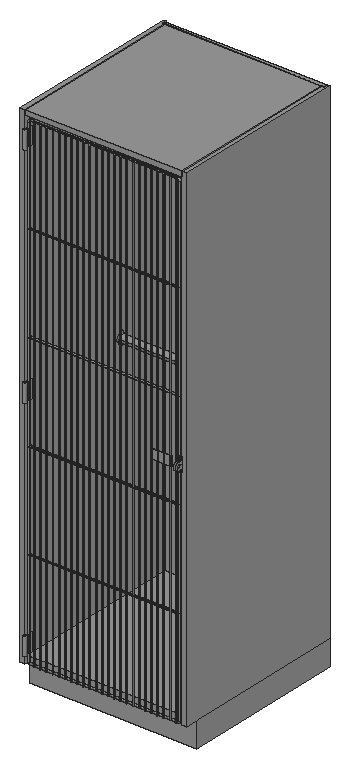
Revit family "TMI_M3104-Music_Wire Grille Doors1", category Casework, Revit 2016
Family settings
  OmniClass Number = 23.40.35.14.11
  OmniClass Title = Modular Casework
  Work Plane-Based = No
  Always vertical = Yes
  Cut with Voids When Loaded = No
  Shared = No
  Room Calculation Point = No
Parameters (values of type "27" x 84-1/2" x 29"")
  URL = "www.tmisystems.com"
  Toe Kick Height = 4"
  Toe Kick Depth = 2"
  Model = "M3104"
  Manufacturer = "TMI Systems Corporation"
  Interior Finish = none
  Filler Width (Hinge) [instance] = 3"
  Filler (Pull Side) [instance] = no
  Filler (Hinge Side) [instance] = no
  Filler Width (Pull) [instance] = 3"
  Description = "Uniforms, Robes"
  Depth = 29"
  Height = 84 1/2"
  Width = 27"
  Casework Thickness = 3/4"
  Casework Back Thickness = 1/2"
  Cabinet Finish = Plastic Laminate
  Assembly Code = ""
Types (2): name | Depth
  27" x 84-1/2" x 29" | 29"
  27" x 84-1/2" x 23" | 23"
Reference planes (in)
  plane 1 "Back": y = 15
  plane 2: z = 0
  plane 3 "Center (Left/Right)": x = 0.7377
  plane 4 "Left": x = -12.7623
  plane 5 "Right": x = 14.2377
  plane 6 "Front": y = -14
  plane 7 "Top": z = 84.5
  plane 8: y = 14.375
  plane 9: x = -12.0123
  plane 10: x = 13.4877
  plane 11: z = 83.75
  plane 12: y = 14.875
  plane 13: y = -12
  plane 14: z = 4
  plane 15: z = 5.125
  plane 16: y = -13.61906
  plane 17: y = -11.25
  plane 18: y = -13.25
  plane 19: y = -13.49461
  plane 20: z = 42.25
  plane 21: z = 83.25
  plane 22: x = 13.8627
  plane 23: x = -12.3873
  plane 24: y = -13.60344
  plane 25: y = 5.375
  plane 26: z = 80.75
  plane 27: x = -11.8873
  plane 28: x = 13.3627
  plane 29: z = 42.875
Forms (in)
  Extrusion 1, solid, material "Plastic Laminate" <- "Cabinet Finish"
    sketch origin (0, 0.21844, 0) x (1, 0, 0) y (0, 1, 0)
      loop
        line (-12.7623, 14.78156) -> (-12.7623, -14.21844) -> (-12.0123, -14.21844) -> (-12.0123, 14.15656) -> (-12.38677, 14.15656) -> (-12.38677, 14.78156) -> (-12.7623, 14.78156)
      loop
        line (13.86077, 14.78156) -> (13.86077, 14.15656) -> (13.4877, 14.15656) -> (13.4877, -14.21844) -> (14.2377, -14.21844) -> (14.2377, 14.78156) -> (13.86077, 14.78156)
    from 4 to 84.5
  Extrusion 2, solid, material "Plastic Laminate" <- "Cabinet Finish"
    sketch origin (0.84915, 11.94613, -1.44731) x (1, 0, 0) y (0, 0, 1)
      loop
        line (-12.86145, 6.57231) -> (-12.86145, 5.44731) -> (12.63855, 5.44731) -> (12.63855, 6.57231) -> (-12.86145, 6.57231)
    from -2.42887 to 25.54956
  Extrusion 3, solid, material "Plastic Laminate" <- "Cabinet Finish"
    sketch origin (0, 0, 0) x (1, 0, 0) y (0, 1, 0)
      loop
        line (-12.38677, 14.875) -> (-12.38677, 14.375) -> (13.86077, 14.375) -> (13.86077, 14.875) -> (-12.38677, 14.875)
    from 84.5 to 4
  Extrusion 4, solid, material "Plastic Laminate" <- "Cabinet Finish", visible <- "Filler (Pull Side)"
    sketch origin (0, -14, 0) x (1, 0, 0) y (0, 0, 1)
      loop
        line (14.2377, 84.5) -> (14.2377, 4) -> (17.2377, 4) -> (17.2377, 84.5) -> (14.2377, 84.5)
    from -0.75 to 0
  Extrusion 5, solid, material "Plastic Laminate" <- "Cabinet Finish", visible <- "Filler (Hinge Side)"
    sketch origin (0, -14, 0) x (1, 0, 0) y (0, 0, 1)
      loop
        line (-15.7623, 84.5) -> (-15.7623, 4) -> (-12.7623, 4) -> (-12.7623, 84.5) -> (-15.7623, 84.5)
    from -0.75 to 0
  Extrusion 6, solid, material "Wood"
    sketch origin (0, 0, 0) x (1, 0, 0) y (0, 0, 1)
      loop
        line (14.2377, 4) -> (-12.7623, 4) -> (-12.7623, 0) -> (14.2377, 0) -> (14.2377, 4)
    from -15 to 12
  Extrusion 7, solid, material "Wood", visible <- "Filler (Pull Side)"
    sketch origin (0, 0, 0) x (1, 0, 0) y (0, 0, 1)
      loop
        line (17.2377, 4) -> (14.2377, 4) -> (14.2377, 0) -> (17.2377, 0) -> (17.2377, 4)
    from 11.25 to 12
  Extrusion 8, solid, material "Wood", visible <- "Filler (Hinge Side)"
    sketch origin (0, 0, 0) x (1, 0, 0) y (0, 0, 1)
      loop
        line (-12.7623, 4) -> (-15.7623, 4) -> (-15.7623, 0) -> (-12.7623, 0) -> (-12.7623, 4)
    from 11.25 to 12
  Extrusion 9, solid, material "Plastic Laminate" <- "Cabinet Finish"
    sketch origin (0, 15, 0) x (1, 0, 0) y (0, 0, 1)
      loop
        line (-12.0123, 84.5) -> (-12.0123, 83.75) -> (13.4877, 83.75) -> (13.4877, 84.5) -> (-12.0123, 84.5)
    from 0.625 to 29
  Extrusion 10, solid, material "Steel, Chrome"
    sketch origin (-12.7623, 0, 0) x (0, -1, 0) y (0, 0, 1)
      loop
        circle (-5.375, 80.75) r 0.5625
    from -26.25 to -0.75
  Extrusion 11, solid, material "Steel, Chrome"
    sketch origin (-12.7623, 0, 0) x (0, -1, 0) y (0, 0, 1)
      loop
        arc (-5.24454, 81.83318) -> (-5.375, 81.89022) -> (-5.50546, 81.83318) r 0.17773
        line (-5.50546, 81.83318) -> (-6.063, 81.0425)
        arc (-6.063, 81.0425) -> (-6.1437, 80.75) -> (-6.063, 80.4575) r 0.5704
        line (-6.063, 80.4575) -> (-5.50546, 79.63092)
        arc (-5.50546, 79.63092) -> (-5.375, 79.57388) -> (-5.24454, 79.63092) r 0.17773
        line (-5.24454, 79.63092) -> (-4.687, 80.4575)
        arc (-4.687, 80.4575) -> (-4.6063, 80.75) -> (-4.687, 81.0425) r 0.5704
        line (-4.687, 81.0425) -> (-5.24454, 81.83318)
      loop
        circle (-5.375, 81.63902) r 0.125
      loop
        circle (-5.375, 79.86098) r 0.125
      loop
        circle (-5.375, 80.75) r 0.5625
    from -0.875 to -0.75
  Extrusion 12, solid, material "Steel, Chrome"
    sketch origin (14.2377, 0, 0) x (0, -1, 0) y (0, 0, -1)
      loop
        line (-5.24454, -81.83318) -> (-4.687, -81.0425)
        arc (-4.687, -81.0425) -> (-4.6063, -80.75) -> (-4.687, -80.4575) r 0.5704
        line (-4.687, -80.4575) -> (-5.24454, -79.63092)
        arc (-5.24454, -79.63092) -> (-5.375, -79.57388) -> (-5.50546, -79.63092) r 0.17773
        line (-5.50546, -79.63092) -> (-6.063, -80.4575)
        arc (-6.063, -80.4575) -> (-6.1437, -80.75) -> (-6.063, -81.0425) r 0.5704
        line (-6.063, -81.0425) -> (-5.50546, -81.83318)
        arc (-5.50546, -81.83318) -> (-5.375, -81.89022) -> (-5.24454, -81.83318) r 0.17773
      loop
        circle (-5.375, -81.63902) r 0.125
      loop
        circle (-5.375, -79.86098) r 0.125
      loop
        circle (-5.375, -80.75) r 0.5625
    from -0.875 to -0.75
  Extrusion 13, solid, material "Steel, Chrome"
    sketch origin (-12.7623, 0, -34) x (0, -1, 0) y (0, 0, 1)
      loop
        circle (-5.375, 76.875) r 0.5625
    from -26.25 to -0.75
  Extrusion 14, solid, material "Steel, Chrome"
    sketch origin (-12.7623, 0, -34) x (0, -1, 0) y (0, 0, 1)
      loop
        arc (-5.24454, 77.95818) -> (-5.375, 78.01522) -> (-5.50546, 77.95818) r 0.17773
        line (-5.50546, 77.95818) -> (-6.063, 77.1675)
        arc (-6.063, 77.1675) -> (-6.1437, 76.875) -> (-6.063, 76.5825) r 0.5704
        line (-6.063, 76.5825) -> (-5.50546, 75.75592)
        arc (-5.50546, 75.75592) -> (-5.375, 75.69888) -> (-5.24454, 75.75592) r 0.17773
        line (-5.24454, 75.75592) -> (-4.687, 76.5825)
        arc (-4.687, 76.5825) -> (-4.6063, 76.875) -> (-4.687, 77.1675) r 0.5704
        line (-4.687, 77.1675) -> (-5.24454, 77.95818)
      loop
        circle (-5.375, 77.76402) r 0.125
      loop
        circle (-5.375, 75.98598) r 0.125
      loop
        circle (-5.375, 76.875) r 0.5625
    from -0.875 to -0.75
  Extrusion 15, solid, material "Steel, Chrome"
    sketch origin (14.2377, 0, -34) x (0, -1, 0) y (0, 0, -1)
      loop
        line (-5.24454, -77.95818) -> (-4.687, -77.1675)
        arc (-4.687, -77.1675) -> (-4.6063, -76.875) -> (-4.687, -76.5825) r 0.5704
        line (-4.687, -76.5825) -> (-5.24454, -75.75592)
        arc (-5.24454, -75.75592) -> (-5.375, -75.69888) -> (-5.50546, -75.75592) r 0.17773
        line (-5.50546, -75.75592) -> (-6.063, -76.5825)
        arc (-6.063, -76.5825) -> (-6.1437, -76.875) -> (-6.063, -77.1675) r 0.5704
        line (-6.063, -77.1675) -> (-5.50546, -77.95818)
        arc (-5.50546, -77.95818) -> (-5.375, -78.01522) -> (-5.24454, -77.95818) r 0.17773
      loop
        circle (-5.375, -77.76402) r 0.125
      loop
        circle (-5.375, -75.98598) r 0.125
      loop
        circle (-5.375, -76.875) r 0.5625
    from -0.875 to -0.75
Lines and regions (in)
  Masking region 1
    outline origin (44.5, 0, 0) x (1, 0, 0) y (0, 1, 0)
      loop
        line (-57.2623, 15) -> (-57.2623, -14) -> (-30.2623, -14) -> (-30.2623, 15) -> (-57.2623, 15)
  Masking region 2, visible <- "Filler (Hinge Side)"
    outline origin (0, 0, 0) x (1, 0, 0) y (0, 1, 0)
      loop
        line (-15.7623, -13.25) -> (-15.7623, -14) -> (-12.7623, -14) -> (-12.7623, -13.25) -> (-15.7623, -13.25)
  Masking region 3, visible <- "Filler (Pull Side)"
    outline origin (0, 0, 0) x (1, 0, 0) y (0, 1, 0)
      loop
        line (14.2377, -13.25) -> (14.2377, -14) -> (17.2377, -14) -> (17.2377, -13.25) -> (14.2377, -13.25)
  symbolic lines, style "CaseworkHiddenLines"
    curve 1: line (-0.1998, -14, 0) -> (-0.3248, -14, 0)
    curve 2: line (1.9252, -14, 0) -> (2.0502, -14, 0)
Dimensions and locks (in)
  "Width": plane 4 "Left" to plane 5 "Right"
  equal spacing: plane 4 "Left", plane 3 "Center (Left/Right)", plane 5 "Right"
  "Casework Thickness": plane 4 "Left" to plane 9
  "Casework Thickness": plane 10 to plane 5 "Right"
  "Casework Thickness": plane 7 "Top" to plane 11
  "Filler Width (Pull)": plane 5 "Right" to Extrusion 4
  "Filler Width (Hinge)": Extrusion 5 to plane 4 "Left"
  "Depth": plane 6 "Front" to plane 1 "Back"
  locked: plane 12 to plane 1 "Back" at 0.125
  "Toe Kick Depth": plane 13 to plane 6 "Front"
  "Toe Kick Height": plane 14 to level
  "Height": plane 7 "Top" to level
  locked: plane 6 "Front" to plane 16 at 0.38094
  locked: plane 6 "Front" to plane 18 at 0.75
  locked: plane 17 to plane 13 at 0.75
  plane 16 to plane 19 = 0.12445"
  equal spacing: plane 7 "Top", plane 20, plane 2
  locked: plane 11 to plane 21 at 0.5
  locked: plane 15 to plane 14 at 1.125
  equal spacing: plane 4 "Left", plane 23, plane 9
  equal spacing: plane 10, plane 22, plane 5 "Right"
  "Casework Back Thickness": plane 12 to plane 8
  equal spacing: plane 23, plane 3 "Center (Left/Right)", plane 22
  locked: plane 16 to plane 24 at 0.01562
  locked: plane 1 "Back" to plane 25 at 9.625
  locked: plane 26 to plane 7 "Top" at 3.75
  plane 25 to Extrusion 11 sketch curve = 0.688"
  locked: plane 27 to plane 9 at 0.125
  locked: plane 28 to plane 10 at 0.125
  locked: plane 26 to plane 29 at 37.875
  aligned and locked: plane 2 to level
  aligned and locked: Extrusion 1 sketch curve to plane 4 "Left"
  aligned and locked: Extrusion 1 sketch curve to plane 9
  aligned and locked: Extrusion 1 sketch curve to plane 10
  aligned and locked: Extrusion 1 sketch curve to plane 5 "Right"
  aligned and locked: Extrusion 1 to plane 1 "Back"  (x2)
  aligned and locked: plane 8 to Extrusion 3 sketch curve
  aligned and locked: Extrusion 1 to plane 7 "Top"
  aligned and locked: plane 7 "Top" to Extrusion 4 sketch curve
  aligned and locked: Extrusion 4 sketch curve to plane 5 "Right"
  aligned and locked: plane 7 "Top" to Extrusion 5 sketch curve
  aligned and locked: Extrusion 7 to Extrusion 6
  aligned and locked: Extrusion 8 to Extrusion 6
  aligned and locked: plane 14 to Extrusion 8
  aligned and locked: plane 14 to Extrusion 6
  aligned and locked: plane 14 to Extrusion 7
  aligned and locked: Extrusion 4 to plane 14
  aligned and locked: Extrusion 5 to plane 14
  aligned and locked: Extrusion 1 to plane 14
  aligned and locked: Extrusion 2 to plane 14
  aligned and locked: plane 15 to Extrusion 2
  aligned and locked: Extrusion 6 to Extrusion 1
  aligned and locked: plane 1 "Back" to Masking region 1 sketch curve
  aligned and locked: Extrusion 8 to plane 13
  aligned and locked: plane 4 "Left" to Masking region 2 sketch curve
  aligned and locked: Masking region 3 sketch curve to plane 5 "Right"
  aligned and locked: plane 6 "Front" to Extrusion 1  (x2)
  aligned and locked: plane 6 "Front" to Extrusion 4
  aligned and locked: plane 6 "Front" to Extrusion 5
  aligned and locked: plane 17 to Extrusion 7
  aligned and locked: Extrusion 4 to plane 18
  aligned and locked: Extrusion 5 to plane 18
  aligned and locked: plane 17 to Extrusion 8
  aligned and locked: Extrusion 8 to Extrusion 5
  aligned and locked: Masking region 2 to Extrusion 5
  aligned and locked: Masking region 2 to plane 18
  aligned and locked: Extrusion 4 to Extrusion 7
  aligned and locked: Masking region 3 to Extrusion 4
  aligned and locked: Masking region 3 to plane 18
  aligned and locked: Extrusion 2 to plane 9
  aligned and locked: Extrusion 2 to plane 10
  aligned and locked: Extrusion 9 sketch curve to plane 11
  aligned and locked: plane 9 to Extrusion 9 sketch curve
  aligned and locked: Extrusion 9 sketch curve to plane 10
  aligned and locked: plane 6 "Front" to Extrusion 9
  aligned and locked: plane 9 to Extrusion 1
  aligned and locked: plane 6 "Front" to Masking region 1
  aligned and locked: Extrusion 9 to plane 7 "Top"
  aligned and locked: plane 8 to Extrusion 9
  aligned and locked: Extrusion 3 to Extrusion 1  (x2)
  aligned and locked: plane 8 to Extrusion 2
  aligned and locked: Extrusion 3 to plane 14
  aligned and locked: Extrusion 3 to plane 7 "Top"
  aligned and locked: nested 1 to plane 14
  aligned and locked: plane 9 to nested 1
  aligned and locked: nested 1 to plane 6 "Front"
  aligned and locked: plane 24 to Extrusion 2
  aligned and locked: plane 10 to Extrusion 10
  aligned and locked: Extrusion 10 to plane 9
  aligned and locked: Extrusion 11 to plane 9
  aligned and locked: plane 27 to Extrusion 11
  aligned and locked: plane 28 to Extrusion 12  (x2)
  aligned and locked: plane 10 to Extrusion 12
  aligned and locked: Extrusion 15 to plane 10
  aligned and locked: Extrusion 13 to plane 10
  aligned and locked: plane 28 to Extrusion 15
Automatic sketch dimensions
  curve 1 to level = 0"
  curve 2 to level = 0"
  curve 1 to plane 3 "Center (Left/Right)" = 1 1/16"
  curve 1 to curve 1 = 1/8"
  plane 3 "Center (Left/Right)" to curve 2 = 1 3/16"
  curve 2 to curve 2 = 1/8"
  plane 1 "Back" to Extrusion 1 sketch curve = 0"  (x2)
  Extrusion 1 sketch curve to plane 8 = 0"  (x2)
  plane 6 "Front" to Extrusion 1 sketch curve = 0"  (x2)
  Extrusion 1 sketch curve to plane 23 = 0.00052"
  plane 22 to Extrusion 1 sketch curve = 0.00194"
  Extrusion 2 sketch curve to plane 9 = 0"
  plane 10 to Extrusion 2 sketch curve = 0"
  Extrusion 2 sketch curve to plane 14 = 0"
  Extrusion 2 sketch curve to plane 15 = 0"
  Extrusion 3 sketch curve to plane 12 = 0"
  Extrusion 3 sketch curve to plane 23 = 0.00052"
  plane 22 to Extrusion 3 sketch curve = 0.00194"
  Extrusion 4 sketch curve to plane 14 = 0"
  Extrusion 4 sketch curve to plane 5 "Right" = 3"
  Extrusion 5 sketch curve to plane 14 = 0"
  plane 4 "Left" to Extrusion 5 sketch curve = 0"
  Extrusion 5 sketch curve to Extrusion 5 sketch curve = 3"
  plane 4 "Left" to Extrusion 6 sketch curve = 0"
  Extrusion 6 sketch curve to level = 0"
  plane 5 "Right" to Extrusion 6 sketch curve = 0"
  Extrusion 6 sketch curve to plane 14 = 0"
  plane 5 "Right" to Extrusion 7 sketch curve = 0"
  Extrusion 7 sketch curve to level = 0"
  Extrusion 7 sketch curve to plane 14 = 0"
  Extrusion 7 sketch curve to plane 5 "Right" = 3"
  Extrusion 8 sketch curve to plane 14 = 0"
  Extrusion 8 sketch curve to level = 0"
  plane 4 "Left" to Extrusion 8 sketch curve = 0"
  Extrusion 8 sketch curve to Extrusion 8 sketch curve = 3"
  Masking region 1 sketch curve to plane 4 "Left" = 0"
  Masking region 1 sketch curve to plane 5 "Right" = 0"
  plane 6 "Front" to Masking region 1 sketch curve = 0"
  plane 6 "Front" to Masking region 2 sketch curve = 0"
  plane 18 to Masking region 2 sketch curve = 0"
  plane 4 "Left" to Masking region 2 sketch curve = 3"
  plane 6 "Front" to Masking region 3 sketch curve = 0"
  plane 18 to Masking region 3 sketch curve = 0"
  Masking region 3 sketch curve to Masking region 3 sketch curve = 3"
  Extrusion 9 sketch curve to plane 7 "Top" = 0"
  Extrusion 10 sketch curve to plane 25 = 0"
  Extrusion 10 sketch curve to plane 26 = 0"
  Extrusion 11 sketch curve to plane 26 = 0"  (x3)
  Extrusion 11 sketch curve to plane 25 = 0"  (x5)
  Extrusion 11 sketch curve to plane 25 = 0.13046"  (x2)
  Extrusion 11 sketch curve to Extrusion 11 sketch curve = 0.1983"
  plane 26 to Extrusion 11 sketch curve = 0.2925"  (x2)
  Extrusion 11 sketch curve to Extrusion 11 sketch curve = 0.48969"  (x2)
  Extrusion 11 sketch curve to plane 26 = 0.2925"
  plane 25 to Extrusion 11 sketch curve = 0.13046"  (x2)
  plane 25 to Extrusion 11 sketch curve = 0.1983"
  Extrusion 11 sketch curve to plane 26 = 0.88902"
  Extrusion 11 sketch curve to Extrusion 11 sketch curve = 7/64"
  Extrusion 11 sketch curve to Extrusion 11 sketch curve = 0.12069"  (x2)
  Extrusion 11 sketch curve to Extrusion 11 sketch curve = 0.88902"
  Extrusion 11 sketch curve to Extrusion 11 sketch curve = 0.07347"
  Extrusion 12 sketch curve to plane 26 = 0"  (x3)
  Extrusion 12 sketch curve to plane 25 = 0"  (x5)
  Extrusion 12 sketch curve to plane 25 = 0.13046"  (x2)
  Extrusion 12 sketch curve to Extrusion 12 sketch curve = 0.1983"
  plane 26 to Extrusion 12 sketch curve = 0.2925"  (x2)
  Extrusion 12 sketch curve to Extrusion 12 sketch curve = 0.48969"  (x2)
  Extrusion 12 sketch curve to plane 26 = 0.2925"  (x2)
  plane 25 to Extrusion 12 sketch curve = 0.13046"  (x2)
  plane 25 to Extrusion 12 sketch curve = 0.1983"
  plane 26 to Extrusion 12 sketch curve = 0.88902"
  Extrusion 12 sketch curve to Extrusion 12 sketch curve = 0.07347"
  Extrusion 12 sketch curve to Extrusion 12 sketch curve = 0.12069"  (x2)
  Extrusion 12 sketch curve to Extrusion 12 sketch curve = 0.88902"
  Extrusion 12 sketch curve to Extrusion 12 sketch curve = 7/64"
  Extrusion 13 sketch curve to plane 25 = 0"
  Extrusion 13 sketch curve to plane 29 = 0"
  Extrusion 14 sketch curve to plane 29 = 0"  (x3)
  Extrusion 14 sketch curve to plane 25 = 0"  (x5)
  Extrusion 14 sketch curve to plane 25 = 0.13046"  (x2)
  Extrusion 14 sketch curve to Extrusion 14 sketch curve = 0.1983"
  plane 29 to Extrusion 14 sketch curve = 0.2925"  (x2)
  Extrusion 14 sketch curve to Extrusion 14 sketch curve = 0.48969"  (x2)
  Extrusion 14 sketch curve to plane 29 = 0.2925"  (x2)
  plane 25 to Extrusion 14 sketch curve = 0.13046"  (x2)
  plane 25 to Extrusion 14 sketch curve = 0.1983"
  Extrusion 14 sketch curve to Extrusion 14 sketch curve = 0.88902"
  Extrusion 14 sketch curve to Extrusion 14 sketch curve = 7/64"
  Extrusion 14 sketch curve to Extrusion 14 sketch curve = 0.12069"  (x2)
  plane 29 to Extrusion 14 sketch curve = 0.88902"
  Extrusion 14 sketch curve to Extrusion 14 sketch curve = 0.07347"
  Extrusion 15 sketch curve to plane 29 = 0"  (x3)
  Extrusion 15 sketch curve to plane 25 = 0"  (x5)
  Extrusion 15 sketch curve to plane 25 = 0.13046"  (x2)
  Extrusion 15 sketch curve to Extrusion 15 sketch curve = 0.1983"
  plane 29 to Extrusion 15 sketch curve = 0.2925"  (x2)
  Extrusion 15 sketch curve to Extrusion 15 sketch curve = 0.48969"  (x2)
  Extrusion 15 sketch curve to plane 29 = 0.2925"  (x2)
  plane 25 to Extrusion 15 sketch curve = 0.13046"  (x2)
  plane 25 to Extrusion 15 sketch curve = 0.1983"
  plane 29 to Extrusion 15 sketch curve = 0.88902"
  Extrusion 15 sketch curve to Extrusion 15 sketch curve = 0.07347"
  Extrusion 15 sketch curve to Extrusion 15 sketch curve = 0.12069"  (x2)
  Extrusion 15 sketch curve to Extrusion 15 sketch curve = 0.88902"
  Extrusion 15 sketch curve to Extrusion 15 sketch curve = 7/64"
  radius of Extrusion 10 sketch curve = 9/16"
  radius of Extrusion 11 sketch curve = 1/8"  (x2)
  radius of Extrusion 11 sketch curve = 9/16"
  radius of Extrusion 12 sketch curve = 1/8"  (x2)
  radius of Extrusion 12 sketch curve = 9/16"
  radius of Extrusion 13 sketch curve = 9/16"
  radius of Extrusion 14 sketch curve = 1/8"  (x2)
  radius of Extrusion 14 sketch curve = 9/16"
  radius of Extrusion 15 sketch curve = 1/8"  (x2)
  radius of Extrusion 15 sketch curve = 9/16"
Nested families (in)
  nested 1: "Full Height Wire Grille Door 27in Wide" at (0.73685, -13.76369, 4), type "Full Height Wire Grille Door 27in Wide"
    with Number of Verticle Bars 24, Bar Spacing 1"
Definition of nested family "Full Height Wire Grille Door 27in Wide"
  Parameters (values of type "Full Height Wire Grille Door 27in Wide")
    Width = 24 1/2"
    Pull height from Bottom of Casework = 37 13/16"
    Number of Verticle Bars [instance] = (Width / Bar Spacing) - 1  # 24
    Height = 79 1/4"
    Distance of Hinge from Edge of Casework = 2 13/16"
    Bar Spacing [instance] = 1"
  Reference planes (in)
    plane 1 "Center (Front/Back)": y = 0
    plane 2: z = 0
    plane 3 "Center (Left/Right)": x = 0
    plane 4: x = -12.37415
    plane 5: x = -12.12585
    plane 6: z = 79.25
    plane 7: z = 79
    plane 8: z = 79.125
    plane 9: x = -12.25
    plane 10: x = 12.38138
    plane 11: x = 12.11862
    plane 12: x = 12.25
    plane 13: z = 0.25
    plane 14: z = 0.125
    plane 15: y = -0.125
    plane 16: z = 39.625
    plane 17: z = 47.525
    plane 18: z = 63.325
    plane 19: z = 31.725
    plane 20: z = 15.925
    plane 21: y = -0.17188
    plane 22: x = -11.25
    plane 23: y = 0.28516
    plane 24: x = 12.75638
    plane 25: y = -0.23631
    plane 26: z = 37.8125
    plane 27: z = 2.8125
    plane 28: z = 76.4375
    plane 29: z = 38.9375
    plane 30: z = 37.8125
  Forms (in)
    Sweep 1, solid
      path origin (0, 0, 0) x (1, 0, 0) y (0, 0, 1)
        loop
          arc (-12, 79.125) -> (-12.17678, 79.05178) -> (-12.25, 78.875) r 0.25
          line (-12.25, 78.875) -> (-12.25, 0.375)
          arc (-12.25, 0.375) -> (-12.17678, 0.19822) -> (-12, 0.125) r 0.25
          line (-12, 0.125) -> (12, 0.125)
          arc (12, 0.125) -> (12.17678, 0.19822) -> (12.25, 0.375) r 0.25
          line (12.25, 0.375) -> (12.25, 78.875)
          arc (12.25, 78.875) -> (12.17678, 79.05178) -> (12, 79.125) r 0.25
          line (12, 79.125) -> (-12, 79.125)
      profile "4 Circle : 4 Circle" origin (0, 0, 79.125) x (0, 0, 1) y (0, -1, 0)
        loop
          circle (0, 0) r 0.125
    Extrusion 2, solid
      sketch origin (0, 0, 0) x (0, 1, 0) y (0, 0, 1)
        loop
          circle (0, 63.325) r 0.125
        loop
          circle (0, 47.525) r 0.125
        loop
          circle (0, 15.925) r 0.125
        loop
          circle (0, 31.725) r 0.125
      from -12.25 to 12.25
    Extrusion 3, solid
      sketch origin (-0.62456, 0, 0) x (1, 0, 0) y (0, 1, 0)
        loop
          circle (-10.62544, -0.17188) r 0.0625
      from 0 to 79.25
    Extrusion 4, solid
      sketch origin (0.37544, 0, 0) x (1, 0, 0) y (0, 1, 0)
        loop
          circle (-10.62544, -0.17188) r 0.0625
      from 0 to 79.25
    Extrusion 5, solid
      sketch origin (1.37544, 0, 0) x (1, 0, 0) y (0, 1, 0)
        loop
          circle (-10.62544, -0.17188) r 0.0625
      from 0 to 79.25
    Extrusion 6, solid
      sketch origin (2.37544, 0, 0) x (1, 0, 0) y (0, 1, 0)
        loop
          circle (-10.62544, -0.17188) r 0.0625
      from 0 to 79.25
    Extrusion 7, solid
      sketch origin (3.37544, 0, 0) x (1, 0, 0) y (0, 1, 0)
        loop
          circle (-10.62544, -0.17188) r 0.0625
      from 0 to 79.25
    Extrusion 8, solid
      sketch origin (4.37544, 0, 0) x (1, 0, 0) y (0, 1, 0)
        loop
          circle (-10.62544, -0.17188) r 0.0625
      from 0 to 79.25
    Extrusion 9, solid
      sketch origin (5.37544, 0, 0) x (1, 0, 0) y (0, 1, 0)
        loop
          circle (-10.62544, -0.17188) r 0.0625
      from 0 to 79.25
    Extrusion 10, solid
      sketch origin (6.37544, 0, 0) x (1, 0, 0) y (0, 1, 0)
        loop
          circle (-10.62544, -0.17188) r 0.0625
      from 0 to 79.25
    Extrusion 11, solid
      sketch origin (7.37544, 0, 0) x (1, 0, 0) y (0, 1, 0)
        loop
          circle (-10.62544, -0.17188) r 0.0625
      from 0 to 79.25
    Extrusion 12, solid
      sketch origin (8.37544, 0, 0) x (1, 0, 0) y (0, 1, 0)
        loop
          circle (-10.62544, -0.17188) r 0.0625
      from 0 to 79.25
    Extrusion 13, solid
      sketch origin (9.37544, 0, 0) x (1, 0, 0) y (0, 1, 0)
        loop
          circle (-10.62544, -0.17188) r 0.0625
      from 0 to 79.25
    Extrusion 14, solid
      sketch origin (10.37544, 0, 0) x (1, 0, 0) y (0, 1, 0)
        loop
          circle (-10.62544, -0.17188) r 0.0625
      from 0 to 79.25
    Extrusion 15, solid
      sketch origin (11.37544, 0, 0) x (1, 0, 0) y (0, 1, 0)
        loop
          circle (-10.62544, -0.17188) r 0.0625
      from 0 to 79.25
    Extrusion 16, solid
      sketch origin (12.37544, 0, 0) x (1, 0, 0) y (0, 1, 0)
        loop
          circle (-10.62544, -0.17188) r 0.0625
      from 0 to 79.25
    Extrusion 17, solid
      sketch origin (13.37544, 0, 0) x (1, 0, 0) y (0, 1, 0)
        loop
          circle (-10.62544, -0.17188) r 0.0625
      from 0 to 79.25
    Extrusion 18, solid
      sketch origin (14.37544, 0, 0) x (1, 0, 0) y (0, 1, 0)
        loop
          circle (-10.62544, -0.17188) r 0.0625
      from 0 to 79.25
    Extrusion 19, solid
      sketch origin (15.37544, 0, 0) x (1, 0, 0) y (0, 1, 0)
        loop
          circle (-10.62544, -0.17188) r 0.0625
      from 0 to 79.25
    Extrusion 20, solid
      sketch origin (16.37544, 0, 0) x (1, 0, 0) y (0, 1, 0)
        loop
          circle (-10.62544, -0.17188) r 0.0625
      from 0 to 79.25
    Extrusion 21, solid
      sketch origin (17.37544, 0, 0) x (1, 0, 0) y (0, 1, 0)
        loop
          circle (-10.62544, -0.17188) r 0.0625
      from 0 to 79.25
    Extrusion 22, solid
      sketch origin (18.37544, 0, 0) x (1, 0, 0) y (0, 1, 0)
        loop
          circle (-10.62544, -0.17188) r 0.0625
      from 0 to 79.25
    Extrusion 23, solid
      sketch origin (19.37544, 0, 0) x (1, 0, 0) y (0, 1, 0)
        loop
          circle (-10.62544, -0.17188) r 0.0625
      from 0 to 79.25
    Extrusion 24, solid
      sketch origin (20.37544, 0, 0) x (1, 0, 0) y (0, 1, 0)
        loop
          circle (-10.62544, -0.17188) r 0.0625
      from 0 to 79.25
    Extrusion 25, solid
      sketch origin (21.37544, 0, 0) x (1, 0, 0) y (0, 1, 0)
        loop
          circle (-10.62544, -0.17188) r 0.0625
      from 0 to 79.25
    Extrusion 26, solid
      sketch origin (22.37544, 0, 0) x (1, 0, 0) y (0, 1, 0)
        loop
          circle (-10.62544, -0.17188) r 0.0625
      from 0 to 79.25
    Extrusion 27, solid
      sketch origin (0, 0, 0) x (1, 0, 0) y (0, 0, 1)
        loop
          line (7.94388, 38.5625) -> (7.94388, 37.0625) -> (11.13138, 37.0625) -> (11.13138, 38.5625) -> (7.94388, 38.5625)
      from 0.23631 to 0.33984
  Lines and regions (in)
    model lines
      curve 1: line (12.27951, 0, 79.125) -> (-12.25002, 0, 39.625)
      curve 2: line (-12.25002, 0, 39.625) -> (12.25, 0, 0.125)
  Dimensions and locks (in)
    locked: plane 6 to plane 7 at 0.25
    equal spacing: plane 6, plane 8, plane 7
    equal spacing: plane 4, plane 9, plane 5
    locked: plane 4 to plane 5 at 0.24829
    equal spacing: plane 10, plane 12, plane 11
    plane 10 to plane 11 = 0.26276"
    equal spacing: plane 13, plane 14, plane 2
    locked: plane 13 to plane 2 at 0.25
    equal spacing: plane 12, plane 3 "Center (Left/Right)", plane 9
    locked: plane 15 to plane 1 "Center (Front/Back)" at 0.125
    "Width": plane 12 to plane 9
    "Height": plane 6 to plane 2
    plane 8 to plane 14 = 79"
    equal spacing: plane 8, plane 18, plane 17, plane 19, plane 20, plane 14
    "Bar Spacing": plane 9 to plane 22
    locked: plane 15 to plane 21 at 0.04688
    plane 1 "Center (Front/Back)" to plane 23 = 73/256"
    locked: plane 10 to plane 24 at 0.375
    locked: plane 21 to plane 25 at 0.06444
    "Pull height from Bottom of Casework": plane 26 to plane 2
    "Distance of Hinge from Edge of Casework": plane 6 to plane 28
    "Distance of Hinge from Edge of Casework": plane 27 to plane 2
    equal spacing: plane 6, plane 16, level
    locked: plane 29 to plane 26 at 1.125
    equal spacing: group 1, group 2, group 3, group 4, group 5, group 6, group 7, group 8, group 9, group 10, group 11, group 12, group 13, group 14, group 15, group 16, group 17, group 18, group 19, group 20, group 21, group 22, group 23, group 24  (x3)
    locked: Extrusion 27 sketch curve to Extrusion 27 sketch curve at 1.5
    locked: Extrusion 27 sketch curve to Extrusion 27 sketch curve at 3.1875
    equal spacing: Extrusion 27 sketch curve, plane 30, Extrusion 27 sketch curve
    locked: nested 1 to Extrusion 27 sketch curve at 1.25
    aligned and locked: plane 2 to level
    aligned and locked: Sweep 1 sketch curve to plane 12
    aligned and locked: Sweep 1 sketch curve to plane 8
    aligned and locked: plane 9 to Sweep 1 sketch curve
    aligned and locked: plane 14 to Sweep 1 sketch curve
    aligned and locked: Extrusion 2 to plane 12
    aligned and locked: Extrusion 2 to plane 9
    aligned and locked: Extrusion 3 to plane 2
    aligned and locked: nested 1 to plane 10
    aligned and locked: nested 1 to plane 23
    aligned and locked: plane 24 to nested 2
    aligned and locked: nested 2 to plane 23
    aligned and locked: plane 10 to nested 1
    aligned and locked: nested 3 to plane 4
    aligned and locked: plane 25 to nested 3
    aligned and locked: nested 3 to plane 28
    aligned and locked: nested 4 to plane 4
    aligned and locked: plane 25 to nested 4
    aligned and locked: nested 4 to plane 27
    aligned and locked: nested 5 to plane 4
    aligned and locked: nested 5 to plane 16
    aligned and locked: plane 25 to nested 5
    aligned and locked: plane 6 to Extrusion 3
    aligned and locked: nested 2 to plane 29
    aligned and locked: nested 1 to plane 29
    aligned and locked: plane 30 to plane 26
    aligned and locked: plane 25 to Extrusion 27
    aligned and locked: nested 1 to Extrusion 27
  Automatic sketch dimensions
    plane 5 to Sweep 1 sketch curve = 0.12585"
    Sweep 1 sketch curve to Sweep 1 sketch curve = 1/4"  (x2)
    plane 11 to Sweep 1 sketch curve = 0.11862"
    Extrusion 2 sketch curve to plane 1 "Center (Front/Back)" = 0"  (x4)
    Extrusion 2 sketch curve to plane 20 = 0"
    Extrusion 2 sketch curve to plane 19 = 0"
    Extrusion 2 sketch curve to plane 17 = 0"
    Extrusion 2 sketch curve to plane 18 = 0"
    curve 2 to plane 16 = 0"
    plane 12 to curve 2 = 0"
    curve 1 to plane 8 = 0"
    curve 2 to plane 14 = 0"
    curve 2 to plane 9 = 0"
    curve 1 to plane 12 = 0.02951"
    radius of Extrusion 3 sketch curve = 1/16"
    radius of Extrusion 2 sketch curve = 1/8"  (x4)
    radius of Extrusion 4 sketch curve = 1/16"
    radius of Extrusion 5 sketch curve = 1/16"
    radius of Extrusion 6 sketch curve = 1/16"
    radius of Extrusion 7 sketch curve = 1/16"
    radius of Extrusion 8 sketch curve = 1/16"
    radius of Extrusion 9 sketch curve = 1/16"
    radius of Extrusion 10 sketch curve = 1/16"
    radius of Extrusion 11 sketch curve = 1/16"
    radius of Extrusion 12 sketch curve = 1/16"
    radius of Extrusion 13 sketch curve = 1/16"
    radius of Extrusion 14 sketch curve = 1/16"
    radius of Extrusion 15 sketch curve = 1/16"
    radius of Extrusion 16 sketch curve = 1/16"
    radius of Extrusion 17 sketch curve = 1/16"
    radius of Extrusion 18 sketch curve = 1/16"
    radius of Extrusion 19 sketch curve = 1/16"
    radius of Extrusion 20 sketch curve = 1/16"
    radius of Extrusion 21 sketch curve = 1/16"
    radius of Extrusion 22 sketch curve = 1/16"
    radius of Extrusion 23 sketch curve = 1/16"
    radius of Extrusion 24 sketch curve = 1/16"
    radius of Extrusion 25 sketch curve = 1/16"
    radius of Extrusion 26 sketch curve = 1/16"
  Nested families (in)
    nested 1: "Pad Lock" at (12.38138, -0.33984, 37.8125), type "Pad Lock"
    nested 2: "Pad Lock" at (12.69388, -0.33984, 37.8125), type "Pad Lock"
    nested 3: "5k hinge (music)" at (-12.5929, 0.76369, 75.03125) x (-1, 0, 0) z (0, 0, 1), type "5k hinge (music)"
      with Width 16"
    nested 4: "5k hinge (music)" at (-12.5929, 0.76369, 1.40625) x (-1, 0, 0) z (0, 0, 1), type "5k hinge (music)"
      with Width 16"
    nested 5: "5k hinge (music)" at (-12.5929, 0.76369, 38.21875) x (-1, 0, 0) z (0, 0, 1), type "5k hinge (music)"
      with Width 16"
  Definition of nested family "Pad Lock"
    Reference planes (in)
      plane 1 "Center (Front/Back)": y = 0
      plane 2: z = 0
      plane 3 "Center (Left/Right)": x = 0
      plane 4: z = 1.125
      plane 5: z = -1.125
      plane 6: y = -1.125
      plane 7: y = 0.625
      plane 8: y = -0.5625
      plane 9: x = 0.0625
    Forms (in)
      Extrusion 1, solid
        sketch origin (0, 0.00036, 0.01611) x (0, 0, 1) y (0, -1, 0)
          loop
            line (0.98389, 0) -> (0.56967, 0) -> (0.56967, 0.56286)
            arc (0.56967, 0.56286) -> (0, 1.13253) -> (-0.56967, 0.56286) r 0.56967
            line (-0.56967, 0.56286) -> (-0.56967, 0) -> (-1.01611, 0)
            arc (-1.01611, 0) -> (-1.1045, -0.03661) -> (-1.14111, -0.125) r 0.125
            line (-1.14111, -0.125) -> (-1.14111, -0.62464) -> (1.10889, -0.62464) -> (1.10889, -0.125)
            arc (1.10889, -0.125) -> (1.07227, -0.03661) -> (0.98389, 0) r 0.125
          loop
            circle (0, 0.56286) r 0.375
        from 0 to 0.0625
    Dimensions and locks (in)
      locked: plane 4 to plane 5 at 2.25
      locked: plane 6 to plane 7 at 1.75
      locked: plane 9 to plane 3 "Center (Left/Right)" at 0.0625
      equal spacing: plane 1 "Center (Front/Back)", plane 8, plane 6
      locked: plane 7 to plane 1 "Center (Front/Back)" at 0.625
      equal spacing: plane 5, plane 2, plane 4
      aligned and locked: plane 2 to level
      aligned and locked: plane 9 to Extrusion 1
    Automatic sketch dimensions
      Extrusion 1 sketch curve to Extrusion 1 sketch curve = 0"  (x2)
      Extrusion 1 sketch curve to plane 5 = 0"
      Extrusion 1 sketch curve to plane 8 = 0"
      plane 4 to Extrusion 1 sketch curve = 0"
      Extrusion 1 sketch curve to plane 7 = 0"
      Extrusion 1 sketch curve to plane 1 "Center (Front/Back)" = 0.00036"
      plane 5 to Extrusion 1 sketch curve = 1/8"
      Extrusion 1 sketch curve to level = 0.55355"
      level to Extrusion 1 sketch curve = 0.01611"
      Extrusion 1 sketch curve to Extrusion 1 sketch curve = 1/8"
      Extrusion 1 sketch curve to plane 1 "Center (Front/Back)" = 0.12536"
      radius of Extrusion 1 sketch curve = 3/8"
  Definition of nested family "5k hinge (music)"
    Parameters (values of type "5k hinge (music)")
      door thickness = 1"
      Width [instance] = 16"
      Hinge Distance from Door = 9/16"
      5K hinge size = 2 13/16"
    Reference planes (in)
      plane 1 "Center (Front/Back)": y = 0
      plane 2: z = 0
      plane 3 "Center (Left/Right)": x = 0
      plane 4: x = -0.15625
      plane 5: y = -1
      plane 6: y = -0.5
      plane 7: y = -1.5625
      plane 8: y = -1.28125
      plane 9: x = 0.15625
      plane 10: z = 2.8125
      plane 11: z = 1.40625
      plane 12: x = -0.21875
    Forms (in)
      Extrusion 1, solid
        sketch origin (-8.15625, 0, 0) x (1, 0, 0) y (0, 1, 0)
          loop
            line (8.15625, -1) -> (8.15625, -1.04949)
            arc (8.15625, -1.04949) -> (7.85521, -1.421) -> (8.3125, -1.28125) r 0.25
            line (8.3125, -1.28125) -> (8.3125, 0) -> (8.15625, 0) -> (7.9375, 0) -> (7.9375, -1) -> (8.15625, -1)
        from 0 to 2.8125
    Dimensions and locks (in)
      equal spacing: plane 1 "Center (Front/Back)", plane 6, plane 5
      "Hinge Distance from Door": plane 5 to plane 7
      equal spacing: plane 5, plane 8, plane 7
      "5K hinge size": plane 10 to plane 2
      "door thickness": plane 1 "Center (Front/Back)" to plane 5
      equal spacing: plane 10, plane 11, plane 2
      equal spacing: plane 4, plane 3 "Center (Left/Right)", plane 9
      plane 4 to plane 9 = 5/16"
      plane 12 to plane 4 = 1/16"
      aligned and locked: plane 2 to level
      aligned and locked: plane 5 to Extrusion 1 sketch curve
      aligned and locked: Extrusion 1 to plane 10
      aligned and locked: plane 9 to Extrusion 1
      aligned and locked: Extrusion 1 to plane 2
      aligned and locked: plane 12 to Extrusion 1 sketch curve
    Automatic sketch dimensions
      Extrusion 1 sketch curve to plane 8 = 0"
      plane 1 "Center (Front/Back)" to Extrusion 1 sketch curve = 0"
      Extrusion 1 sketch curve to plane 9 = 0"
      plane 4 to Extrusion 1 sketch curve = 1/16"
      Extrusion 1 sketch curve to plane 3 "Center (Left/Right)" = 0"  (x2)
